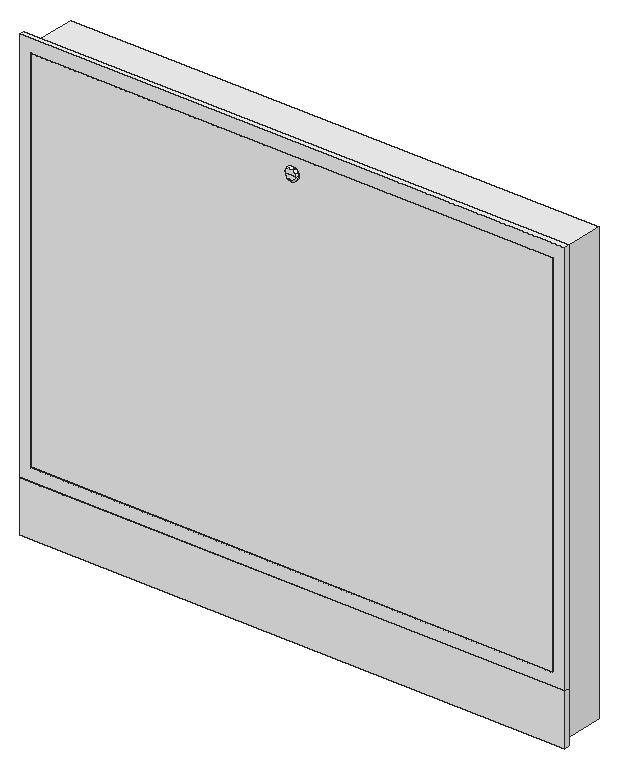
Revit family "UnoFloor Metering Comfort(Control)_RFA_1", category Pipe Accessories, Revit 2019
Family settings
  Round Connector Dimension = Use Diameter
  Part Type = Valve - Breaks Into
  OmniClass Number = 23.65.55.14.17
  OmniClass Title = Adjusting/Controlling Valves for Liquid Services
  Work Plane-Based = Yes
  Always vertical = Yes
  Cut with Voids When Loaded = No
  Shared = No
Parameters (values of type "UnoFloor Metering Comfort_4L-12L")
  W = 111.0 mm
  Voltage = 230 V
  URL = "https://store.danfoss.com/en/Climate-Solutions-for-heating/Stations/UnoFloor/c/31547?q=%3Arelevance%3Adanfoss_producttypehierarchydesc%3AUnoFloor+Comfort&text="
  Type number = 1
  Type Comments = ""
  Right Assembly = not(Left Assembly)  # no
  Required Circuits [instance] = 12
  Product Code [instance] = if(Type number = 1, size_lookup(LookupTableName, "CL", "NA", Number of Circuits), if(Type number = 2, size_lookup(LookupTableName, "CR", "NA", Number of Circuits), if(Type number = 3, size_lookup(LookupTableName, "CoL", "NA", Number of Circuits), if(Type number = 4, size_lookup(LookupTableName, "CoR", "NA", Number of Circuits), "NA"))))  # "088X4112"
  Pressure Drop [instance] = 0.0 Pa
  Power = 0 VA
  Pack Contents = "Danfoss Icon™ Wiring center 230V, Actuators, Stainless steel manifold, Spacer Heat meter, AB-PM, MTCV Balancing Valve"
  Number of Circuits [instance] = if(Required Circuits < 4, 4, if(Required Circuits > 12, 12, if(Required Circuits = 9, 10, if(Required Circuits = 11, 12, Required Circuits))))  # 12
  Nominal Pressure = "PN 6"  # constant formula
  Model Type [instance] = if(Type number = 1, size_lookup(LookupTableName, "TypeCL", "NA", Number of Circuits), if(Type number = 2, size_lookup(LookupTableName, "TypeCR", "NA", Number of Circuits), if(Type number = 3, size_lookup(LookupTableName, "TypeCoL", "NA", Number of Circuits), if(Type number = 4, size_lookup(LookupTableName, "TypeCoR", "NA", Number of Circuits), "NA"))))  # "Unofloor Metering 12 Loops Left Icon 230V"
  Model = "088X4104,088X4105,088X4106,088X4107,088X4108,088X4110,088X4112"
  Max Medium Temperature = "60 °C"  # constant formula
  Max Differential Pressure = "0.6 bar"  # constant formula
  Manufacturer = "Danfoss"  # constant formula
  LookupTableName = "Unofloor Metering Comfort(Control)_Lookup"  # constant formula
  Left Assembly = yes
  L9a [instance] = if(Left Assembly, L9, (L - L9))  # 612.4 mm
  L9 [instance] = 612.4 mm  # constant formula
  L8a [instance] = if(Left Assembly, L8, (L - L8))  # 465.5 mm
  L8 [instance] = 465.5 mm  # constant formula
  L7a [instance] = if(Left Assembly, L7, (L - L7))  # 411.0 mm
  L7 [instance] = 411.0 mm  # constant formula
  L6a [instance] = if(Left Assembly, L6, (L - L6))  # 120.4 mm
  L6 [instance] = if(and(Number of Circuits > 1, Number of Circuits < 7), 139.0 mm, if(and(Number of Circuits > 6, Number of Circuits < 9), 139.0 mm - 7.6 mm, 139.0 mm - 18.6 mm))  # 120.4 mm
  L5a [instance] = if(Left Assembly, L5, (L - L5 - ((Number of Circuits - 1) * 50.0 mm)))  # 419.8 mm
  L5 [instance] = L2 + 154.9 mm  # 419.8 mm
  L4a [instance] = if(Left Assembly, L4, (L - L4 - ((Number of Circuits - 1) * 50.0 mm)))  # 445.1 mm
  L4 [instance] = L3 + 91.7 mm  # 445.1 mm
  L3a [instance] = if(Left Assembly, L3, L - L3)  # 353.4 mm
  L3 [instance] = if(and(Number of Circuits > 1, Number of Circuits < 7), 303.9 mm, if(and(Number of Circuits > 6, Number of Circuits < 9), 303.9 mm + 44.5 mm, 303.9 mm + 49.5 mm))  # 353.4 mm
  L2a [instance] = if(Left Assembly, L2, L - L2)  # 264.9 mm
  L2 [instance] = if(and(Number of Circuits > 1, Number of Circuits < 7), 215.4 mm, if(and(Number of Circuits > 6, Number of Circuits < 9), 215.4 mm + 44.5 mm, 215.4 mm + 49.5 mm))  # 264.9 mm
  L1 = 50.0 mm  # constant formula
  L [instance] = if(and(Number of Circuits > 1, Number of Circuits < 7), 790.0 mm, if(and(Number of Circuits > 6, Number of Circuits < 9), 940.0 mm, 1140.0 mm))  # 1140.0 mm
  IfcExportType = "Unofloor Metering Comfort Left"
  IfcExportAs = "IfcValveType"  # constant formula
  H2 = 110.6 mm  # constant formula
  H1 = 288.9 mm  # constant formula
  H = 939.0 mm  # constant formula
  Flow 9 [instance] = 0.0 m³/h
  Flow 8 [instance] = 0.0 m³/h
  Flow 7 [instance] = 0.0 m³/h
  Flow 6 [instance] = 0.0 m³/h
  Flow 5 [instance] = 0.0 m³/h
  Flow 4 [instance] = 0.0 m³/h
  Flow 3 [instance] = 0.0 m³/h
  Flow 2 (DHW) = 0.0 m³/h
  Flow 2 [instance] = 0.0 m³/h
  Flow 12 [instance] = 0.0 m³/h
  Flow 11 [instance] = 0.0 m³/h
  Flow 10 [instance] = 0.0 m³/h
  Flow 1 (DHW) [instance] = 0.0 m³/h
  Flow 1 [instance] = 0.0 m³/h
  Flow (DHW) [instance] = 0.0 m³/h
  Flow (DCW) [instance] = 0.0 m³/h
  Flow [instance] = 0.0 m³/h
  Description = "Distribution Units"  # constant formula
  Default Elevation = 1219.2 mm
  D = 20.0 mm  # constant formula
  Clearance Zone Front Visibility [instance] = no
  Clearance Zone Front [instance] = 500.0 mm  # constant formula
  Body Material = Danfoss Steel (Zinc Plated and Painted White)
Types (5, lengths in mm): name | URL | Type number | Right Assembly | Product Code | Pack Contents | Model Type | Model | Left Assembly | L9a | L8a | L7a | L6a | L5a | L4a | L3a | L2a | IfcExportType
  (no name) | "https://store.danfoss.com/en/Climate-Solutions-for-heating/Stations/UnoFloor/c/31547?q=%3Arelevance%3Adanfoss_producttypehierarchydesc%3AUnoFloor+Comfort&text=" | 1 | no | "088X4112" | "Danfoss Icon™ Wiring center 230V, Actuators, Stainless steel manifold, Spacer Heat meter, AB-PM, MTCV Balancing Valve" | "Unofloor Metering 12 Loops Left Icon 230V" | "088X4104,088X4105,088X4106,088X4107,088X4108,088X4110,088X4112" | yes | 612.4 | 465.5 | 411.0 | 120.4 | 419.8 | 445.1 | 353.4 | 264.9 | "Unofloor Metering Comfort Left"
  UnoFloor Metering Control_4L-12L | "https://store.danfoss.com/en/Climate-Solutions-for-heating/Stations/UnoFloor/c/31547?q=%3Arelevance%3Adanfoss_producttypehierarchydesc%3AUnoFloor+Control&text=" | 3 | no | "088X4232" | "Danfoss Icon2™ Master controller 230V, Actuators, Stainless steel manifold, Spacer Heat meter, AB-PM, MTCV Balancing Valve" | "Unofloor Metering 12 Loops Left ICON2 230V" | "088X4224,088X4225,088X4226,088X4227,088X4228,088X4230,088X4232" | yes | 612.4 | 465.5 | 411.0 | 120.4 | 419.8 | 445.1 | 353.4 | 264.9 | "Unofloor Metering Control Left"
  UnoFloor Metering Control_4R-12R | "https://store.danfoss.com/en/Climate-Solutions-for-heating/Stations/UnoFloor/c/31547?q=%3Arelevance%3Adanfoss_producttypehierarchydesc%3AUnoFloor+Control&text=" | 4 | yes | "088X4242" | "Danfoss Icon2™ Master controller 230V, Actuators, Stainless steel manifold, Spacer Heat meter, AB-PM, MTCV Balancing Valve" | "Unofloor Metering 12 Loops Right ICON2 230V" | "088X4234,088X4235,088X4236,088X4237,088X4238,088X4240,088X4242" | no | 527.6 | 674.5 | 729.0 | 1019.6 | 170.2 | 144.9 | 786.6 | 875.1 | "Unofloor Metering Control Right"
  UnoFloor Metering Comfort_4L-12L | "https://store.danfoss.com/en/Climate-Solutions-for-heating/Stations/UnoFloor/c/31547?q=%3Arelevance%3Adanfoss_producttypehierarchydesc%3AUnoFloor+Comfort&text=" | 1 | no | "088X4112" | "Danfoss Icon™ Wiring center 230V, Actuators, Stainless steel manifold, Spacer Heat meter, AB-PM, MTCV Balancing Valve" | "Unofloor Metering 12 Loops Left Icon 230V" | "088X4104,088X4105,088X4106,088X4107,088X4108,088X4110,088X4112" | yes | 612.4 | 465.5 | 411.0 | 120.4 | 419.8 | 445.1 | 353.4 | 264.9 | "Unofloor Metering Comfort Left"
  UnoFloor Metering Comfort_4R-12R | "https://store.danfoss.com/en/Climate-Solutions-for-heating/Stations/UnoFloor/c/31547?q=%3Arelevance%3Adanfoss_producttypehierarchydesc%3AUnoFloor+Comfort&text=" | 2 | yes | "088X4122" | "Danfoss Icon™ Wiring center 230V, Actuators, Stainless steel manifold, Spacer Heat meter, AB-PM, MTCV Balancing Valve" | "Unofloor Metering 12 Loops Right Icon 230V" | "088X4114,088X4115,088X4116,088X4117,088X4118,088X4120,088X4122" | no | 527.6 | 674.5 | 729.0 | 1019.6 | 170.2 | 144.9 | 786.6 | 875.1 | "Unofloor Metering Comfort Right"
Reference planes
  plane 1 "Center (Front/Back)": y = 0
  plane 2: z = 0
  plane 3 "Center (Left/Right)": x = 0
  plane 4: x = 0
  plane 5: x = 1140
  plane 6: z = 939
  plane 7 "Ref. Level 4": z = 110.6
  plane 8 "Ref. Level 3": z = 288.9
  plane 9 "Ref. Level 1": z = 462.1
  plane 10 "Ref. Level 2": z = 249.3
  plane 11: x = 445.1
  plane 12: y = 101
  plane 13 "Front 1": y = 58.8
  plane 14 "Front 2": y = 47.54
  plane 15: x = 264.9
  plane 16: x = 353.4
  plane 17: x = 419.8
  plane 18: y = -10
  plane 19: x = 570
  plane 20 "Ref-Level_1": z = 877.5
  plane 21 "Right_1": x = 120.4
  plane 22 "Right_2": x = 411
  plane 23 "Right_3": x = 465.5
  plane 24 "Right_4": x = 612.4
  plane 25: y = 101
  plane 26: y = 54
  plane 27: y = 101
  plane 28: y = 101
  plane 29: y = 101
Forms (mm)
  Extrusion 1, solid
    sketch origin (419.8, 0, 462.1) x (0, 1, 0) y (-1, 0, 0)
      loop
        circle (58.8, 0) r 13.22
    from 0 to 16.7
  Extrusion 2, solid, material "Danfoss Steel (Zinc Plated and Painted White)" <- "Body Material", detail levels fine
    sketch origin (94.5, 0, 0) x (1, 0, 0) y (0, 0, 1)
      loop
        line (-94.5, 0) -> (1045.5, 0) -> (1045.5, 939) -> (-94.5, 939) -> (-94.5, 0)
    from 10 to -101
  Extrusion 3, solid
    sketch origin (469.8, 0, 462.1) x (0, 1, 0) y (-1, 0, 0)
      loop
        circle (58.8, 0) r 13.22
    from 0 to 16.7
  Extrusion 4, solid
    sketch origin (519.8, 0, 462.1) x (0, 1, 0) y (-1, 0, 0)
      loop
        circle (58.8, 0) r 13.22
    from 0 to 16.7
  Extrusion 5, solid
    sketch origin (569.8, 0, 462.1) x (0, 1, 0) y (-1, 0, 0)
      loop
        circle (58.8, 0) r 13.22
    from 0 to 16.7
  Extrusion 6, solid
    sketch origin (408.6, 61.5, 249.3) x (0, 1, 0) y (-1, 0, 0)
      loop
        circle (-13.96, -36.5) r 13.22
    from 0 to 16.7
  Extrusion 7, solid
    sketch origin (458.6, 61.5, 249.3) x (0, 1, 0) y (-1, 0, 0)
      loop
        circle (-13.96, -36.5) r 13.22
    from 0 to 16.7
  Extrusion 8, solid
    sketch origin (508.6, 61.5, 249.3) x (0, 1, 0) y (-1, 0, 0)
      loop
        circle (-13.96, -36.5) r 13.22
    from 0 to 16.7
  Extrusion 9, solid
    sketch origin (558.6, 61.5, 249.3) x (0, 1, 0) y (-1, 0, 0)
      loop
        circle (-13.96, -36.5) r 13.22
    from 0 to 16.7
  Extrusion 10, solid, material "Danfoss Steel (Zinc Plated and Painted White)" <- "Body Material", detail levels fine
    sketch origin (94.5, 0, 288.9) x (-1, 0, 0) y (0, -1, 0)
      loop
        circle (-170.4, -58.8) r 13.2
    from 0 to 12.3
  Extrusion 11, solid, material "Danfoss Steel (Zinc Plated and Painted White)" <- "Body Material", detail levels fine
    sketch origin (94.5, 0, 110.6) x (-1, 0, 0) y (0, -1, 0)
      loop
        circle (-258.9, -47.54) r 13.2
    from 0 to 12.3
  Extrusion 12, solid
    sketch origin (619.8, 0, 462.1) x (0, 1, 0) y (-1, 0, 0)
      loop
        circle (58.8, 0) r 13.22
    from 0 to 16.7
  Extrusion 13, solid
    sketch origin (669.8, 0, 462.1) x (0, 1, 0) y (-1, 0, 0)
      loop
        circle (58.8, 0) r 13.22
    from 0 to 16.7
  Extrusion 14, solid
    sketch origin (719.8, 0, 462.1) x (0, 1, 0) y (-1, 0, 0)
      loop
        circle (58.8, 0) r 13.22
    from 0 to 16.7
  Extrusion 15, solid
    sketch origin (769.8, 0, 462.1) x (0, 1, 0) y (-1, 0, 0)
      loop
        circle (58.8, 0) r 13.22
    from 0 to 16.7
  Extrusion 16, solid
    sketch origin (819.8, 0, 462.1) x (0, 1, 0) y (-1, 0, 0)
      loop
        circle (58.8, 0) r 13.22
    from 0 to 16.7
  Extrusion 17, solid
    sketch origin (869.8, 0, 462.1) x (0, 1, 0) y (-1, 0, 0)
      loop
        circle (58.8, 0) r 13.22
    from 0 to 16.7
  Extrusion 18, solid
    sketch origin (919.8, 0, 462.1) x (0, 1, 0) y (-1, 0, 0)
      loop
        circle (58.8, 0) r 13.22
    from 0 to 16.7
  Extrusion 19, solid
    sketch origin (969.8, 0, 462.1) x (0, 1, 0) y (-1, 0, 0)
      loop
        circle (58.8, 0) r 13.22
    from 0 to 16.7
  Extrusion 20, solid
    sketch origin (608.6, 61.5, 249.3) x (0, 1, 0) y (-1, 0, 0)
      loop
        circle (-13.96, -36.5) r 13.22
    from 0 to 16.7
  Extrusion 21, solid
    sketch origin (658.6, 61.5, 249.3) x (0, 1, 0) y (-1, 0, 0)
      loop
        circle (-13.96, -36.5) r 13.22
    from 0 to 16.7
  Extrusion 22, solid
    sketch origin (708.6, 61.5, 249.3) x (0, 1, 0) y (-1, 0, 0)
      loop
        circle (-13.96, -36.5) r 13.22
    from 0 to 16.7
  Extrusion 23, solid
    sketch origin (758.6, 61.5, 249.3) x (0, 1, 0) y (-1, 0, 0)
      loop
        circle (-13.96, -36.5) r 13.22
    from 0 to 16.7
  Extrusion 24, solid
    sketch origin (808.6, 61.5, 249.3) x (0, 1, 0) y (-1, 0, 0)
      loop
        circle (-13.96, -36.5) r 13.22
    from 0 to 16.7
  Extrusion 25, solid
    sketch origin (858.6, 61.5, 249.3) x (0, 1, 0) y (-1, 0, 0)
      loop
        circle (-13.96, -36.5) r 13.22
    from 0 to 16.7
  Extrusion 26, solid
    sketch origin (908.6, 61.5, 249.3) x (0, 1, 0) y (-1, 0, 0)
      loop
        circle (-13.96, -36.5) r 13.22
    from 0 to 16.7
  Extrusion 27, solid
    sketch origin (958.6, 61.5, 249.3) x (0, 1, 0) y (-1, 0, 0)
      loop
        circle (-13.96, -36.5) r 13.22
    from 0 to 16.7
  Extrusion 28, void
    sketch origin (0, 0, 0) x (1, 0, 0) y (0, 0, 1)
      loop
        line (23, 912) -> (23, 134) -> (1117, 134) -> (1117, 912) -> (23, 912)
      loop
        line (24, 135) -> (1116, 135) -> (1116, 911) -> (24, 911) -> (24, 135)
    from 0 to 10
  Extrusion 29, void
    sketch origin (0, 0, 0) x (1, 0, 0) y (0, 0, 1)
      loop
        line (0, 108) -> (0, 107) -> (1140, 107) -> (1140, 108) -> (0, 108)
    from 0 to 10
  Extrusion 30, void
    sketch origin (0, 0, 0) x (1, 0, 0) y (0, 0, 1)
      loop
        line (0, 939) -> (0, 0) -> (17.5, 0) -> (17.5, 922) -> (1122.5, 922) -> (1122.5, 0) -> (1140, 0) -> (1140, 939) -> (0, 939)
    from 0 to -101
  Revolve 31, solid, material "Danfoss Steel (Zinc Plated and Painted White)" <- "Body Material", detail levels fine
    sketch origin (0, 0, 877.5) x (-1, 0, 0) y (0, -1, 0)
      loop
        line (-555.988, 10) -> (-555.988, 11) -> (-558.988, 14) -> (-570, 14) -> (-570, 10) -> (-555.988, 10)
      axis (-570, 10) -> (-570, 14)
    angle from 0 to 360
  Extrusion 32, solid, material "Danfoss Steel (Zinc Plated and Painted White)" <- "Body Material", detail levels coarse+medium
    sketch origin (0, 0, 0) x (1, 0, 0) y (0, 0, 1)
      loop
        line (1140, 939) -> (0, 939) -> (0, 0) -> (1140, 0) -> (1140, 939)
    from -101 to 10
  Extrusion 33, solid, material "Transparent", visible <- "Clearance Zone Front Visibility"
    sketch origin (0, 0, 0) x (1, 0, 0) y (0, 0, 1)
      loop
        line (0, 939) -> (0, 0) -> (1140, 0) -> (1140, 939) -> (0, 939)
    from -101 to 399
  Extrusion 34, solid
    sketch origin (120.4, 0, 0) x (0, 0, 1) y (0, -1, 0)
      loop
        circle (747.2, -54) r 13.2
      loop
        circle (636.2, -54) r 13.2
    from 0 to 10
  Extrusion 35, solid
    sketch origin (411, 0, 0) x (0, 0, 1) y (0, -1, 0)
      loop
        circle (747.2, -54) r 13.2
    from -10 to 0
  Extrusion 36, solid
    sketch origin (465.5, 0, 0) x (0, 0, 1) y (0, -1, 0)
      loop
        circle (636.2, -54) r 13.2
    from -10 to 0
  Extrusion 37, solid
    sketch origin (612.4, 0, 0) x (0, 0, 1) y (0, -1, 0)
      loop
        circle (691.7, -54) r 13.2
    from -10 to 0
Cuts and joins
  Extrusion 28, Extrusion 29, Extrusion 30 cuts Extrusion 2
Dimensions and locks
  "L": plane 5 to plane 4
  "H": plane 6 to level
  "H2": plane 7 "Ref. Level 4" to level
  "H1": plane 8 "Ref. Level 3" to level
  locked: plane 9 "Ref. Level 1" to plane 2 at 462.1
  equal spacing: group 1, group 2, group 3, group 4, group 9, group 10, group 11, group 12, group 13, group 14, group 15, group 16  (x3)
  locked: plane 13 "Front 1" to plane 12 at 42.2
  locked: plane 14 "Front 2" to plane 13 "Front 1" at 11.26
  equal spacing: group 5, group 6, group 7, group 8, group 17, group 18, group 19, group 20, group 21, group 22, group 23, group 24  (x3)
  "L1": plane 11 to Extrusion 7
  locked: plane 9 "Ref. Level 1" to plane 10 "Ref. Level 2" at 212.8
  "L4a": plane 11 to plane 4
  "L1": plane 17 to Extrusion 3
  "L5a": plane 17 to plane 4
  "L2a": plane 15 to plane 4
  "L3a": plane 16 to plane 4
  "W": plane 18 to plane 12
  locked: plane 18 to plane 1 "Center (Front/Back)" at 10
  locked: plane 6 to Extrusion 28 sketch curve at 27
  locked: Extrusion 28 sketch curve to plane 4 at 23
  locked: plane 5 to Extrusion 28 sketch curve at 23
  locked: Extrusion 28 sketch curve to Extrusion 28 sketch curve at 1
  equal spacing: plane 5, plane 19, plane 3 "Center (Left/Right)"
  Extrusion 29 sketch curve to Extrusion 29 sketch curve to plane 2 = 1.0 mm locked, 107.0 mm
  locked: Extrusion 30 sketch curve to plane 4 at 17.5
  locked: plane 6 to Extrusion 30 sketch curve at 17
  locked: plane 5 to Extrusion 30 sketch curve at 17.5
  locked: plane 6 to plane 20 "Ref-Level_1" at 61.5
  Revolve 31 sketch curve to Revolve 31 sketch curve = 14.012 mm
  locked: Revolve 31 sketch curve to cut or joined group of Extrusion 2, Extrusion 28, Extrusion 29, Extrusion 30 at 4
  locked: Revolve 31 sketch curve to cut or joined group of Extrusion 2, Extrusion 28, Extrusion 29, Extrusion 30 at 1
  "Clearance Zone Front": Extrusion 33 to plane 12
  "L6a": plane 21 "Right_1" to plane 4
  locked: plane 6 to Extrusion 34 sketch curve at 191.8
  locked: plane 6 to Extrusion 34 sketch curve at 302.8
  locked: Extrusion 28 sketch curve to level at 134
  Extrusion 29 sketch curve to level = 107.0 mm
  locked: plane 26 to plane 12 at 47
  locked: plane 6 to Extrusion 35 sketch curve at 191.8
  locked: plane 6 to Extrusion 36 sketch curve at 302.8
  locked: plane 6 to Extrusion 37 sketch curve at 247.3
  "L7a": plane 22 "Right_2" to plane 4
  "L8a": plane 23 "Right_3" to plane 4
  "L9a": plane 24 "Right_4" to plane 4
  diameter of Extrusion 1 sketch curve = 26.44 mm
  diameter of Extrusion 3 sketch curve = 26.44 mm
  diameter of Extrusion 4 sketch curve = 26.44 mm
  diameter of Extrusion 5 sketch curve = 26.44 mm
  diameter of Extrusion 6 sketch curve = 26.44 mm
  diameter of Extrusion 7 sketch curve = 26.44 mm
  diameter of Extrusion 8 sketch curve = 26.44 mm
  diameter of Extrusion 9 sketch curve = 26.44 mm
  diameter of Extrusion 10 sketch curve = 26.4 mm
  diameter of Extrusion 11 sketch curve = 26.4 mm
  diameter of Extrusion 12 sketch curve = 26.44 mm
  diameter of Extrusion 13 sketch curve = 26.44 mm
  diameter of Extrusion 14 sketch curve = 26.44 mm
  diameter of Extrusion 15 sketch curve = 26.44 mm
  diameter of Extrusion 16 sketch curve = 26.44 mm
  diameter of Extrusion 17 sketch curve = 26.44 mm
  diameter of Extrusion 18 sketch curve = 26.44 mm
  diameter of Extrusion 19 sketch curve = 26.44 mm
  diameter of Extrusion 20 sketch curve = 26.44 mm
  diameter of Extrusion 21 sketch curve = 26.44 mm
  diameter of Extrusion 22 sketch curve = 26.44 mm
  diameter of Extrusion 23 sketch curve = 26.44 mm
  diameter of Extrusion 24 sketch curve = 26.44 mm
  diameter of Extrusion 25 sketch curve = 26.44 mm
  diameter of Extrusion 26 sketch curve = 26.44 mm
  diameter of Extrusion 27 sketch curve = 26.44 mm
  diameter of Extrusion 34 sketch curve = 26.4 mm  (x2)
  diameter of Extrusion 35 sketch curve = 26.4 mm
  diameter of Extrusion 36 sketch curve = 26.4 mm
  diameter of Extrusion 37 sketch curve = 26.4 mm
  locked: Revolve 31 sketch curve to Revolve 31 sketch curve (angle 135.00°)
  aligned and locked: level to plane 2
  aligned and locked: plane 17 to Extrusion 1
  aligned and locked: plane 11 to Extrusion 6
  aligned and locked: plane 18 to Extrusion 2
  aligned and locked: Extrusion 2 to plane 12
  aligned and locked: Extrusion 2 to Extrusion 28
  aligned and locked: plane 3 "Center (Left/Right)" to Extrusion 29 sketch curve
  aligned and locked: Extrusion 29 sketch curve to plane 5
  aligned and locked: Extrusion 2 to Extrusion 29
  aligned and locked: Extrusion 30 sketch curve to cut or joined group of Extrusion 2, Extrusion 28, Extrusion 29, Extrusion 30  (x2)
  aligned and locked: cut or joined group of Extrusion 2, Extrusion 28, Extrusion 29, Extrusion 30 to Extrusion 30 sketch curve
  aligned and locked: Extrusion 30 sketch curve to plane 2
  aligned and locked: Extrusion 30 to Extrusion 2
  aligned and locked: cut or joined group of Extrusion 2, Extrusion 28, Extrusion 29, Extrusion 30 to Revolve 31 sketch curve
  aligned and locked: Revolve 31 sketch curve to plane 19
  aligned and locked: Revolve 31 sketch curve to Revolve 31 sketch curve  (x3)
  aligned and locked: Extrusion 32 sketch curve to cut or joined group of Extrusion 2, Extrusion 28, Extrusion 29, Extrusion 30  (x3)
  aligned and locked: cut or joined group of Extrusion 2, Extrusion 28, Extrusion 29, Extrusion 30 to Extrusion 32 sketch curve
  aligned and locked: plane 18 to Extrusion 32
  aligned and locked: Extrusion 32 to plane 12
  aligned and locked: Extrusion 33 sketch curve to cut or joined group of Extrusion 2, Extrusion 28, Extrusion 29, Extrusion 30  (x3)
  aligned and locked: cut or joined group of Extrusion 2, Extrusion 28, Extrusion 29, Extrusion 30 to Extrusion 33 sketch curve
  aligned and locked: Extrusion 33 to plane 12
  aligned and locked: plane 26 to Extrusion 34 sketch curve  (x2)
  aligned and locked: plane 26 to Extrusion 35 sketch curve
  aligned and locked: plane 26 to Extrusion 36 sketch curve
  aligned and locked: plane 26 to Extrusion 37 sketch curve
  aligned and locked: plane 22 "Right_2" to Extrusion 35
Automatic sketch dimensions
  Extrusion 2 sketch curve to plane 3 "Center (Left/Right)" = 0.0 mm
  Extrusion 2 sketch curve to plane 5 = 0.0 mm
  Extrusion 2 sketch curve to level = 0.0 mm
  Extrusion 2 sketch curve to plane 6 = 0.0 mm
  plane 13 "Front 1" to Extrusion 10 sketch curve = 0.0 mm
  Extrusion 10 sketch curve to plane 15 = 0.0 mm
  plane 14 "Front 2" to Extrusion 11 sketch curve = 0.0 mm
  Extrusion 11 sketch curve to plane 16 = 0.0 mm
  Extrusion 28 sketch curve to Extrusion 28 sketch curve = 1.0 mm  (x3)
  Extrusion 30 sketch curve to level = 0.0 mm
Connectors
  piping at (264.9, 58.8, 288.9), diameter 20, driven by "D", driven by "Flow"
    settings: on Extrusion 10, index 1, connector inside diameter 609.6 mm, connector length 0.0 mm, flow factor 0, pipe flow 0.0 m³/h, pressure drop 0.0 Pa, fitting loss kfactor 0, connector angle 0.00°, fixture units 0, engagement length 0.0 mm, angle of deflection 0.00°, flow configuration 0, flow direction 2, fitting loss method 0, system type 8, joint type 0, gender type 0, connector reference index -1, connector utility 0, adjustable connector no, is connector primary yes, connector description "Return"
  piping at (353.4, 47.54, 110.6), diameter 20, driven by "D", driven by "Flow"
    settings: on Extrusion 11, index 2, connector inside diameter 609.6 mm, connector length 0.0 mm, flow factor 0, pipe flow 0.0 m³/h, pressure drop 0.0 Pa, fitting loss kfactor 0, connector angle 0.00°, fixture units 0, engagement length 0.0 mm, angle of deflection 0.00°, flow configuration 0, flow direction 1, fitting loss method 0, system type 7, joint type 0, gender type 0, connector reference index -1, connector utility 0, adjustable connector no, is connector primary no, connector description "Supply"
  piping at (445.1, 47.54, 249.3), diameter 20, driven by "D", driven by "Flow 1"
    settings: on Extrusion 6, index 3, connector inside diameter 609.6 mm, connector length 0.0 mm, flow factor 0, pipe flow 0.0 m³/h, pressure drop 0.0 Pa, fitting loss kfactor 0, connector angle 0.00°, fixture units 0, engagement length 0.0 mm, angle of deflection 0.00°, flow configuration 0, flow direction 1, fitting loss method 0, system type 7, joint type 0, gender type 0, connector reference index -1, connector utility 0, adjustable connector no, is connector primary no, connector description "Supply1"
  piping at (495.1, 47.54, 249.3), diameter 20, driven by "D", driven by "Flow 2"
    settings: on Extrusion 7, index 4, connector inside diameter 609.6 mm, connector length 0.0 mm, flow factor 0, pipe flow 0.0 m³/h, pressure drop 0.0 Pa, fitting loss kfactor 0, connector angle 0.00°, fixture units 0, engagement length 0.0 mm, angle of deflection 0.00°, flow configuration 0, flow direction 1, fitting loss method 0, system type 7, joint type 0, gender type 0, connector reference index -1, connector utility 0, adjustable connector no, is connector primary no, connector description "Supply2"
  piping at (545.1, 47.54, 249.3), diameter 20, driven by "D", driven by "Flow 3"
    settings: on Extrusion 8, index 5, connector inside diameter 609.6 mm, connector length 0.0 mm, flow factor 0, pipe flow 0.0 m³/h, pressure drop 0.0 Pa, fitting loss kfactor 0, connector angle 0.00°, fixture units 0, engagement length 0.0 mm, angle of deflection 0.00°, flow configuration 0, flow direction 1, fitting loss method 0, system type 7, joint type 0, gender type 0, connector reference index -1, connector utility 0, adjustable connector no, is connector primary no, connector description "Supply3"
  piping at (595.1, 47.54, 249.3), diameter 20, driven by "D", driven by "Flow 4"
    settings: on Extrusion 9, index 6, connector inside diameter 609.6 mm, connector length 0.0 mm, flow factor 0, pipe flow 0.0 m³/h, pressure drop 0.0 Pa, fitting loss kfactor 0, connector angle 0.00°, fixture units 0, engagement length 0.0 mm, angle of deflection 0.00°, flow configuration 0, flow direction 1, fitting loss method 0, system type 7, joint type 0, gender type 0, connector reference index -1, connector utility 0, adjustable connector no, is connector primary no, connector description "Supply4"
  piping at (569.8, 58.8, 462.1), diameter 20, driven by "D", driven by "Flow 4"
    settings: on Extrusion 5, index 11, connector inside diameter 609.6 mm, connector length 0.0 mm, flow factor 0, pipe flow 0.0 m³/h, pressure drop 0.0 Pa, fitting loss kfactor 0, connector angle 0.00°, fixture units 0, engagement length 0.0 mm, angle of deflection 0.00°, flow configuration 0, flow direction 2, fitting loss method 0, system type 8, joint type 0, gender type 0, connector reference index -1, connector utility 0, adjustable connector no, is connector primary no, connector description "Return4"
  piping at (519.8, 58.8, 462.1), diameter 20, driven by "D", driven by "Flow 3"
    settings: on Extrusion 4, index 12, connector inside diameter 609.6 mm, connector length 0.0 mm, flow factor 0, pipe flow 0.0 m³/h, pressure drop 0.0 Pa, fitting loss kfactor 0, connector angle 0.00°, fixture units 0, engagement length 0.0 mm, angle of deflection 0.00°, flow configuration 0, flow direction 2, fitting loss method 0, system type 8, joint type 0, gender type 0, connector reference index -1, connector utility 0, adjustable connector no, is connector primary no, connector description "Return3"
  piping at (469.8, 58.8, 462.1), diameter 20, driven by "D", driven by "Flow 2"
    settings: on Extrusion 3, index 13, connector inside diameter 609.6 mm, connector length 0.0 mm, flow factor 0, pipe flow 0.0 m³/h, pressure drop 0.0 Pa, fitting loss kfactor 0, connector angle 0.00°, fixture units 0, engagement length 0.0 mm, angle of deflection 0.00°, flow configuration 0, flow direction 2, fitting loss method 0, system type 8, joint type 0, gender type 0, connector reference index -1, connector utility 0, adjustable connector no, is connector primary no, connector description "Return2"
  piping at (419.8, 58.8, 462.1), diameter 20, driven by "D", driven by "Flow 1"
    settings: on Extrusion 1, index 14, connector inside diameter 609.6 mm, connector length 0.0 mm, flow factor 0, pipe flow 0.0 m³/h, pressure drop 0.0 Pa, fitting loss kfactor 0, connector angle 0.00°, fixture units 0, engagement length 0.0 mm, angle of deflection 0.00°, flow configuration 0, flow direction 2, fitting loss method 0, system type 8, joint type 0, gender type 0, connector reference index -1, connector utility 0, adjustable connector no, is connector primary no, connector description "Return1"
  piping at (619.8, 58.8, 462.1), diameter 20, driven by "D", driven by "Flow 5"
    settings: on Extrusion 12, index 15, connector inside diameter 609.6 mm, connector length 0.0 mm, flow factor 0, pipe flow 0.0 m³/h, pressure drop 0.0 Pa, fitting loss kfactor 0, connector angle 0.00°, fixture units 0, engagement length 0.0 mm, angle of deflection 0.00°, flow configuration 0, flow direction 2, fitting loss method 0, system type 8, joint type 0, gender type 0, connector reference index -1, connector utility 0, adjustable connector no, is connector primary no, connector description "Return5"
  piping at (669.8, 58.8, 462.1), diameter 20, driven by "D", driven by "Flow 6"
    settings: on Extrusion 13, index 16, connector inside diameter 609.6 mm, connector length 0.0 mm, flow factor 0, pipe flow 0.0 m³/h, pressure drop 0.0 Pa, fitting loss kfactor 0, connector angle 0.00°, fixture units 0, engagement length 0.0 mm, angle of deflection 0.00°, flow configuration 0, flow direction 2, fitting loss method 0, system type 8, joint type 0, gender type 0, connector reference index -1, connector utility 0, adjustable connector no, is connector primary no, connector description "Return6"
  piping at (719.8, 58.8, 462.1), diameter 20, driven by "D", driven by "Flow 7"
    settings: on Extrusion 14, index 17, connector inside diameter 609.6 mm, connector length 0.0 mm, flow factor 0, pipe flow 0.0 m³/h, pressure drop 0.0 Pa, fitting loss kfactor 0, connector angle 0.00°, fixture units 0, engagement length 0.0 mm, angle of deflection 0.00°, flow configuration 0, flow direction 2, fitting loss method 0, system type 8, joint type 0, gender type 0, connector reference index -1, connector utility 0, adjustable connector no, is connector primary no, connector description "Return7"
  piping at (769.8, 58.8, 462.1), diameter 20, driven by "D", driven by "Flow 8"
    settings: on Extrusion 15, index 18, connector inside diameter 609.6 mm, connector length 0.0 mm, flow factor 0, pipe flow 0.0 m³/h, pressure drop 0.0 Pa, fitting loss kfactor 0, connector angle 0.00°, fixture units 0, engagement length 0.0 mm, angle of deflection 0.00°, flow configuration 0, flow direction 2, fitting loss method 0, system type 8, joint type 0, gender type 0, connector reference index -1, connector utility 0, adjustable connector no, is connector primary no, connector description "Return8"
  piping at (819.8, 58.8, 462.1), diameter 20, driven by "D", driven by "Flow 9"
    settings: on Extrusion 16, index 19, connector inside diameter 609.6 mm, connector length 0.0 mm, flow factor 0, pipe flow 0.0 m³/h, pressure drop 0.0 Pa, fitting loss kfactor 0, connector angle 0.00°, fixture units 0, engagement length 0.0 mm, angle of deflection 0.00°, flow configuration 0, flow direction 2, fitting loss method 0, system type 8, joint type 0, gender type 0, connector reference index -1, connector utility 0, adjustable connector no, is connector primary no, connector description "Return9"
  piping at (869.8, 58.8, 462.1), diameter 20, driven by "D", driven by "Flow 10"
    settings: on Extrusion 17, index 20, connector inside diameter 609.6 mm, connector length 0.0 mm, flow factor 0, pipe flow 0.0 m³/h, pressure drop 0.0 Pa, fitting loss kfactor 0, connector angle 0.00°, fixture units 0, engagement length 0.0 mm, angle of deflection 0.00°, flow configuration 0, flow direction 2, fitting loss method 0, system type 8, joint type 0, gender type 0, connector reference index -1, connector utility 0, adjustable connector no, is connector primary no, connector description "Return10"
  piping at (919.8, 58.8, 462.1), diameter 20, driven by "D", driven by "Flow 11"
    settings: on Extrusion 18, index 21, connector inside diameter 609.6 mm, connector length 0.0 mm, flow factor 0, pipe flow 0.0 m³/h, pressure drop 0.0 Pa, fitting loss kfactor 0, connector angle 0.00°, fixture units 0, engagement length 0.0 mm, angle of deflection 0.00°, flow configuration 0, flow direction 2, fitting loss method 0, system type 8, joint type 0, gender type 0, connector reference index -1, connector utility 0, adjustable connector no, is connector primary no, connector description "Return11"
  piping at (969.8, 58.8, 462.1), diameter 20, driven by "D", driven by "Flow 12"
    settings: on Extrusion 19, index 22, connector inside diameter 609.6 mm, connector length 0.0 mm, flow factor 0, pipe flow 0.0 m³/h, pressure drop 0.0 Pa, fitting loss kfactor 0, connector angle 0.00°, fixture units 0, engagement length 0.0 mm, angle of deflection 0.00°, flow configuration 0, flow direction 2, fitting loss method 0, system type 8, joint type 0, gender type 0, connector reference index -1, connector utility 0, adjustable connector no, is connector primary no, connector description "Return12"
  piping at (995.1, 47.54, 249.3), diameter 20, driven by "D", driven by "Flow 12"
    settings: on Extrusion 27, index 23, connector inside diameter 609.6 mm, connector length 0.0 mm, flow factor 0, pipe flow 0.0 m³/h, pressure drop 0.0 Pa, fitting loss kfactor 0, connector angle 0.00°, fixture units 0, engagement length 0.0 mm, angle of deflection 0.00°, flow configuration 0, flow direction 1, fitting loss method 0, system type 7, joint type 0, gender type 0, connector reference index -1, connector utility 0, adjustable connector no, is connector primary no, connector description "Supply12"
  piping at (945.1, 47.54, 249.3), diameter 20, driven by "D", driven by "Flow 11"
    settings: on Extrusion 26, index 24, connector inside diameter 609.6 mm, connector length 0.0 mm, flow factor 0, pipe flow 0.0 m³/h, pressure drop 0.0 Pa, fitting loss kfactor 0, connector angle 0.00°, fixture units 0, engagement length 0.0 mm, angle of deflection 0.00°, flow configuration 0, flow direction 1, fitting loss method 0, system type 7, joint type 0, gender type 0, connector reference index -1, connector utility 0, adjustable connector no, is connector primary no, connector description "Supply11"
  piping at (895.1, 47.54, 249.3), diameter 20, driven by "D", driven by "Flow 10"
    settings: on Extrusion 25, index 25, connector inside diameter 609.6 mm, connector length 0.0 mm, flow factor 0, pipe flow 0.0 m³/h, pressure drop 0.0 Pa, fitting loss kfactor 0, connector angle 0.00°, fixture units 0, engagement length 0.0 mm, angle of deflection 0.00°, flow configuration 0, flow direction 1, fitting loss method 0, system type 7, joint type 0, gender type 0, connector reference index -1, connector utility 0, adjustable connector no, is connector primary no, connector description "Supply10"
  piping at (845.1, 47.54, 249.3), diameter 20, driven by "D", driven by "Flow 9"
    settings: on Extrusion 24, index 26, connector inside diameter 609.6 mm, connector length 0.0 mm, flow factor 0, pipe flow 0.0 m³/h, pressure drop 0.0 Pa, fitting loss kfactor 0, connector angle 0.00°, fixture units 0, engagement length 0.0 mm, angle of deflection 0.00°, flow configuration 0, flow direction 1, fitting loss method 0, system type 7, joint type 0, gender type 0, connector reference index -1, connector utility 0, adjustable connector no, is connector primary no, connector description "Supply9"
  piping at (795.1, 47.54, 249.3), diameter 20, driven by "D", driven by "Flow 8"
    settings: on Extrusion 23, index 27, connector inside diameter 609.6 mm, connector length 0.0 mm, flow factor 0, pipe flow 0.0 m³/h, pressure drop 0.0 Pa, fitting loss kfactor 0, connector angle 0.00°, fixture units 0, engagement length 0.0 mm, angle of deflection 0.00°, flow configuration 0, flow direction 1, fitting loss method 0, system type 7, joint type 0, gender type 0, connector reference index -1, connector utility 0, adjustable connector no, is connector primary no, connector description "Supply8"
  piping at (745.1, 47.54, 249.3), diameter 20, driven by "D", driven by "Flow 7"
    settings: on Extrusion 22, index 28, connector inside diameter 609.6 mm, connector length 0.0 mm, flow factor 0, pipe flow 0.0 m³/h, pressure drop 0.0 Pa, fitting loss kfactor 0, connector angle 0.00°, fixture units 0, engagement length 0.0 mm, angle of deflection 0.00°, flow configuration 0, flow direction 1, fitting loss method 0, system type 7, joint type 0, gender type 0, connector reference index -1, connector utility 0, adjustable connector no, is connector primary no, connector description "Supply7"
  piping at (695.1, 47.54, 249.3), diameter 20, driven by "D", driven by "Flow 6"
    settings: on Extrusion 21, index 29, connector inside diameter 609.6 mm, connector length 0.0 mm, flow factor 0, pipe flow 0.0 m³/h, pressure drop 0.0 Pa, fitting loss kfactor 0, connector angle 0.00°, fixture units 0, engagement length 0.0 mm, angle of deflection 0.00°, flow configuration 0, flow direction 1, fitting loss method 0, system type 7, joint type 0, gender type 0, connector reference index -1, connector utility 0, adjustable connector no, is connector primary no, connector description "Supply6"
  piping at (645.1, 47.54, 249.3), diameter 20, driven by "D", driven by "Flow 5"
    settings: on Extrusion 20, index 30, connector inside diameter 609.6 mm, connector length 0.0 mm, flow factor 0, pipe flow 0.0 m³/h, pressure drop 0.0 Pa, fitting loss kfactor 0, connector angle 0.00°, fixture units 0, engagement length 0.0 mm, angle of deflection 0.00°, flow configuration 0, flow direction 1, fitting loss method 0, system type 7, joint type 0, gender type 0, connector reference index -1, connector utility 0, adjustable connector no, is connector primary no, connector description "Supply5"
  electrical at (0, 0, 0), driven by "Voltage", driven by "Power"
    settings: index 31, voltage 230 V, apparent load 0 VA, apparent load phase1 0 VA, apparent load phase2 0 VA, apparent load phase3 0 VA, power factor 0.95, load classification "HVAC", number of poles 1, system type 30, power factor state 1, is connector primary yes, connector utility no, sub classification motor no, connector description ""
  piping at (120.4, 54, 636.2), diameter 20, driven by "D", driven by "Flow (DHW)"
    settings: on Extrusion 34, index 32, connector inside diameter 609.6 mm, connector length 0.0 mm, flow factor 0, pipe flow 0.0 m³/h, pressure drop 0.0 Pa, fitting loss kfactor 0, connector angle 0.00°, fixture units 0, engagement length 0.0 mm, angle of deflection 0.00°, flow configuration 0, flow direction 2, fitting loss method 0, system type 19, joint type 0, gender type 0, connector reference index -1, connector utility 0, adjustable connector no, is connector primary no, connector description "Hot Water Out"
  piping at (120.4, 54, 747.2), diameter 20, driven by "D", driven by "Flow (DCW)"
    settings: on Extrusion 34, index 33, connector inside diameter 609.6 mm, connector length 0.0 mm, flow factor 0, pipe flow 0.0 m³/h, pressure drop 0.0 Pa, fitting loss kfactor 0, connector angle 0.00°, fixture units 0, engagement length 0.0 mm, angle of deflection 0.00°, flow configuration 0, flow direction 1, fitting loss method 0, system type 20, joint type 0, gender type 0, connector reference index -1, connector utility 0, adjustable connector no, is connector primary no, connector description "Cold Water In"
  piping at (411, 54, 747.2), diameter 20, driven by "D", driven by "Flow (DCW)"
    settings: on Extrusion 35, index 34, connector inside diameter 609.6 mm, connector length 0.0 mm, flow factor 0, pipe flow 0.0 m³/h, pressure drop 0.0 Pa, fitting loss kfactor 0, connector angle 0.00°, fixture units 0, engagement length 0.0 mm, angle of deflection 0.00°, flow configuration 0, flow direction 2, fitting loss method 0, system type 20, joint type 0, gender type 0, connector reference index -1, connector utility 0, adjustable connector no, is connector primary no, connector description "Cold Water Out"
  piping at (465.5, 54, 636.2), diameter 20, driven by "D", driven by "Flow 1 (DHW)"
    settings: on Extrusion 36, index 35, connector inside diameter 609.6 mm, connector length 0.0 mm, flow factor 0, pipe flow 0.0 m³/h, pressure drop 0.0 Pa, fitting loss kfactor 0, connector angle 0.00°, fixture units 0, engagement length 0.0 mm, angle of deflection 0.00°, flow configuration 0, flow direction 1, fitting loss method 0, system type 19, joint type 0, gender type 0, connector reference index -1, connector utility 0, adjustable connector no, is connector primary no, connector description "Hot Water In"
  piping at (612.4, 54, 691.7), diameter 20, driven by "D", driven by "Flow 2 (DHW)"
    settings: on Extrusion 37, index 36, connector inside diameter 609.6 mm, connector length 0.0 mm, flow factor 0, pipe flow 0.0 m³/h, pressure drop 0.0 Pa, fitting loss kfactor 0, connector angle 0.00°, fixture units 0, engagement length 0.0 mm, angle of deflection 0.00°, flow configuration 0, flow direction 2, fitting loss method 0, system type 19, joint type 0, gender type 0, connector reference index -1, connector utility 0, adjustable connector no, is connector primary no, connector description "Hot Water Circulation"
